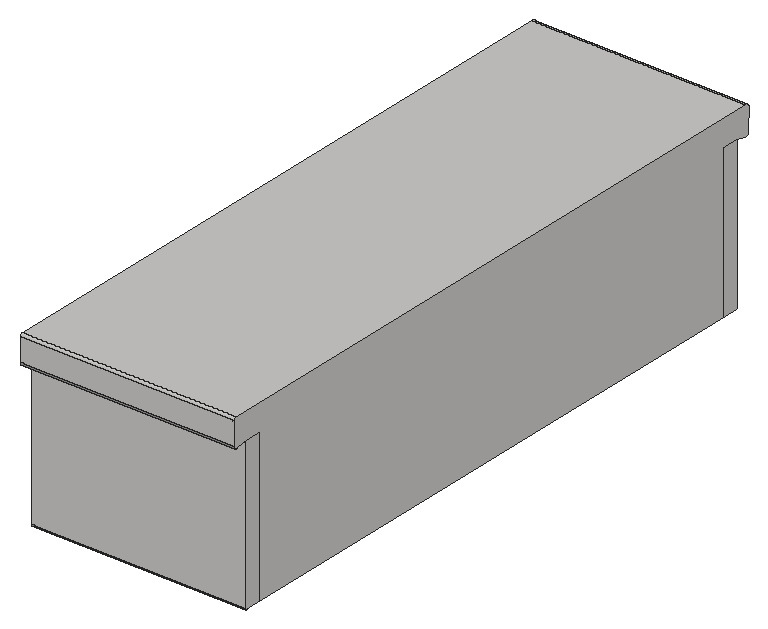
Revit family "QF_ELECTROLUXPROFESSIONAL_589154_MCNABACOOO", category Specialty Equipment, Revit 2018
Family settings
  Round Connector Dimension = Use Diameter
  Part Type = Normal
  Work Plane-Based = No
  Always vertical = Yes
  Cut with Voids When Loaded = No
  Shared = No
  Room Calculation Point = No
Parameters
  Weight in Pounds = 41.88
  URL Cutsheet = "www.electrolux.com/professional"
  URL = "www.electrolux.com/professional"
  Type Mark [instance] = ""
  Status [instance] = ""
  Specification by User [instance] = ""
  Specification by Manufacturer = ""
  Serial Number = ""
  Seismic Rating = ""
  SMACNA No = ""
  Revision Code [instance] = ""
  Omniclass Number and Title = ""
  NAFEM Spec ID Number = ""
  Model = "589154"
  Masterspec = ""
  Manufacturer = "ELECTROLUX"
  Item Number [instance] = ""
  Installed By [instance] = ""
  Identify Quantity as Lot [instance] = yes
  Furnished By [instance] = ""
  Foodservice Equipment Identifier [instance] = yes
  Direct Waste Size = 0"
  Description = "WORK TOP,CLOSED,1-SIDE,300X900X250H"
  CSI MasterFormat = ""
  CSI Master Format = ""
Reference planes
  plane 1 "BACK": y = 0
  plane 2: z = 0
  plane 3 "LEFT": x = 0
  plane 4 "RIGHT": x = 300
  plane 5 "FRONT": y = -900
  plane 6 "TOP": z = 250
  plane 7 "Center Y": x = 150
  plane 8 "Center X": y = -450
Forms (mm)
  Extrusion 1, solid, material "QF_Finishes_Stainless Steel"
    sketch origin (0, 50.048, 0) x (0, 1, 0) y (0, 0, 1)
      loop
        line (-95.048, 213) -> (-71.412, 213) -> (-54.743, 210.061)
        arc (-54.743, 210.061) -> (-51.477, 210.936) -> (-50.048, 214) r 4
        line (-50.048, 214) -> (-50.048, 246)
        arc (-50.048, 246) -> (-51.22, 248.828) -> (-54.048, 250) r 4
        line (-54.048, 250) -> (-946.048, 250)
        arc (-946.048, 250) -> (-948.877, 248.828) -> (-950.048, 246) r 4
        line (-950.048, 246) -> (-950.048, 214)
        arc (-950.048, 214) -> (-948.619, 210.936) -> (-945.353, 210.061) r 4
        line (-945.353, 210.061) -> (-928.509, 213) -> (-905.048, 213) -> (-905.048, 0) -> (-95.048, 0) -> (-95.048, 213)
    from 0 to 300
  Extrusion 2, solid, material "QF_Finishes_Stainless Steel"
    sketch origin (0, 50.048, 0) x (0, 1, 0) y (0, 0, 1)
      loop
        arc (-928.048, 213) -> (-929.462, 212.414) -> (-930.048, 211) r 2
        line (-930.048, 211) -> (-930.048, 2)
        arc (-930.048, 2) -> (-929.462, 0.586) -> (-928.048, 0) r 2
        line (-928.048, 0) -> (-905.048, 0) -> (-905.048, 213) -> (-928.048, 213)
      loop
        line (-72.048, 213) -> (-95.048, 213) -> (-95.048, 0) -> (-72.048, 0)
        arc (-72.048, 0) -> (-70.634, 0.586) -> (-70.048, 2) r 2
        line (-70.048, 2) -> (-70.048, 211)
        arc (-70.048, 211) -> (-70.634, 212.414) -> (-72.048, 213) r 2
    from 0 to 300
Lines and regions (mm)
  symbolic lines
    curve 1: line (0, 0, 0) -> (300, 0, 0)
    curve 2: line (0, -900, 0) -> (0, 0, 0)
    curve 3: line (300, -900, 0) -> (0, -900, 0)
    curve 4: line (300, 0, 0) -> (300, -900, 0)
Dimensions and locks
  equal spacing: plane 3 "LEFT", plane 7 "Center Y", plane 4 "RIGHT"
  plane 3 "LEFT" to plane 4 "RIGHT" = 300.00 mm
  equal spacing: plane 5 "FRONT", plane 8 "Center X", plane 1 "BACK"
  plane 5 "FRONT" to plane 1 "BACK" = 900.00 mm
  plane 6 "TOP" to level = 250.00 mm
  aligned and locked: level to plane 2
  aligned and locked: Extrusion 1 to plane 4 "RIGHT"
  aligned and locked: Extrusion 2 to plane 4 "RIGHT"
Automatic sketch dimensions
  Extrusion 1 sketch curve to plane 6 "TOP" = 0.00 mm
  Extrusion 1 sketch curve to level = 0.00 mm
  Extrusion 1 sketch curve to plane 6 "TOP" = 36.00 mm
  plane 5 "FRONT" to Extrusion 1 sketch curve = 0.00 mm
  Extrusion 1 sketch curve to plane 6 "TOP" = 39.939 mm
  Extrusion 1 sketch curve to Extrusion 1 sketch curve = 4.00 mm
  Extrusion 1 sketch curve to Extrusion 1 sketch curve = 4.695 mm  (x2)
  Extrusion 1 sketch curve to Extrusion 1 sketch curve = 16.844 mm
  Extrusion 1 sketch curve to plane 5 "FRONT" = 45.00 mm
  plane 1 "BACK" to Extrusion 1 sketch curve = 45.00 mm
  Extrusion 1 sketch curve to Extrusion 1 sketch curve = 23.636 mm
  Extrusion 1 sketch curve to Extrusion 1 sketch curve = 17.364 mm
  Extrusion 1 sketch curve to Extrusion 1 sketch curve = 21.364 mm
  Extrusion 1 sketch curve to Extrusion 1 sketch curve = 0.00 mm  (x2)
  Extrusion 1 sketch curve to Extrusion 1 sketch curve = 0.695 mm
  Extrusion 1 sketch curve to plane 6 "TOP" = 37.00 mm  (x2)
  Extrusion 1 sketch curve to Extrusion 1 sketch curve = 1.00 mm
  Extrusion 2 sketch curve to level = 0.00 mm  (x2)
  level to Extrusion 2 sketch curve = 2.00 mm  (x2)
  Extrusion 2 sketch curve to plane 5 "FRONT" = 20.00 mm
  Extrusion 2 sketch curve to Extrusion 2 sketch curve = 2.00 mm
  Extrusion 2 sketch curve to Extrusion 2 sketch curve = 23.00 mm
  plane 1 "BACK" to Extrusion 2 sketch curve = 45.00 mm
  plane 1 "BACK" to Extrusion 2 sketch curve = 22.00 mm  (x2)
  Extrusion 2 sketch curve to plane 6 "TOP" = 39.00 mm  (x2)
  curve 3 to plane 3 "LEFT" = 0.00 mm
  curve 3 to plane 4 "RIGHT" = 0.00 mm
  plane 1 "BACK" to curve 2 = 0.00 mm
  curve 4 to plane 5 "FRONT" = 0.00 mm
